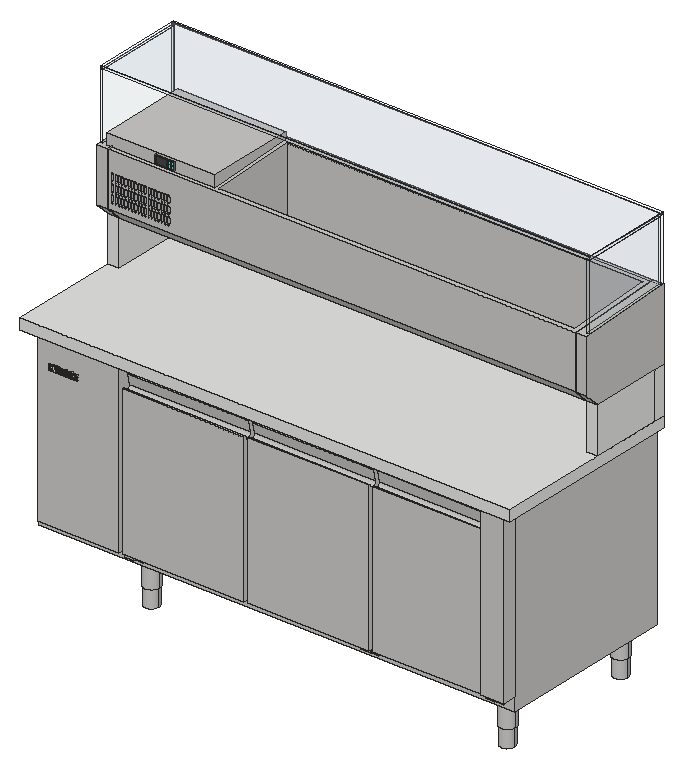
Revit family "QF_ELECTROLUXPROFESSIONAL_725190_RCSH3D", category Specialty Equipment, Revit 2023
Family settings
  Round Connector Dimension = Use Diameter
  Part Type = Normal
  Work Plane-Based = No
  Enable Cutting in Views = No
  Always vertical = Yes
  Cut with Voids When Loaded = No
  Maintain Annotation Orientation = No
  Shared = No
  Room Calculation Point = No
Parameters (values of type "Standard")
  Weight = 290.00 kg
  Watts = 420 W
  Volts = 220 V
  URL Manufacturer = "https://www.electroluxprofessional.com/"
  URL = "https://www.electroluxprofessional.com/"
  Steam Supply Size = 0 mm
  Steam Supply Minimum Pressure = 0.0 Pa
  Steam Supply Maximum Pressure = 0.0 Pa
  Steam Consumption per Hour = 0
  Refrigeration Suction Line Size = 0 mm
  Refrigeration Liquid Line Size = 0 mm
  Refrigerant Compressor Remote = yes
  Default Elevation = 0 mm
  Manufacturer = "Electrolux Professional"
  Phase = 1
  Model = "RCSH3D"
  Length Actual = 1780 mm  # constant formula
  Item Number = "725190"
  Hot Water Size = 0 mm
  Height Actual = 1502 mm  # constant formula
  HP = "0.6 HP"
  Gas Size = 0 mm
  Gas KW = 0
  Gas Input Pressure = 0 W
  Direct Waste Size = 0 mm
  Description = "REFRIGERATED COUNTER+SHOW CASE 3 DOORS"
  Depth Actual = 700 mm  # constant formula
  Cycle = 50 Hz
  Condensate Return Size = 0 mm
  Compressed Air Volume = 0.0 L/s
  Compressed Air Size = 0 mm
  Compressed Air Pressure = 0.0 Pa
  Cold Water Size = 0 mm
  Accessory = yes
Reference planes
  plane 1 "ID_47": z = 0
  plane 2 "ID_48": x = -86
  plane 3 "ID_2392": y = 64.5
  plane 4 "ID_2509": y = 414.5
  plane 5 "ID_2614": y = -285.5
  plane 6 "ID_2837": x = -976
  plane 7 "ID_2983": x = 804
  plane 8 "ID_4400": z = 150
  plane 9 "ID_4457": z = 840
  plane 10 "ID_44560": z = 800
  plane 11 "ID_138713": y = 124.5
  plane 12 "ID_138739": x = -892
  plane 13 "ID_146034": y = 412
  plane 14 "ID_146605": y = -283
  plane 15 "ID_146781": y = -230.5
  plane 16 "ID_147224": x = -953
  plane 17 "ID_147345": x = 781
  plane 18 "ID_149448": x = -913
  plane 19 "ID_149581": x = 696
  plane 20 "ID_161767": z = 1005
  plane 21 "ID_161878": z = 1502
  plane 22 "ID_162378": y = 79.5
  plane 23 "ID_166845": z = 1266
  plane 24 "ID_167552": z = 1216
  plane 25 "ID_172017": x = -580
  plane 26 "ID_172144": x = 715
  plane 27 "ID_172890": y = 331
  plane 28 "ID_172954": y = -183
  plane 29 "ID_173048": y = -26
  plane 30 "ID_186596": z = 1020.844
  plane 31 "ID_186751": x = 67
Forms (mm)
  Extrusion 1, solid, material "QF_Finishes_Stainless Steel"
    sketch origin (-1022.223, -1524, 150) x (-1, 0, 0) y (0, -1, 0)
      loop
        circle (-130.223, -1648.5) r 5
    from 870 to 865.223
  Extrusion 2, solid, material "QF_Finishes_Stainless Steel"
    sketch origin (-1022.223, -1524, 150) x (-1, 0, 0) y (0, -1, 0)
      loop
        line (-1718.223, -1293.5) -> (-1718.223, -1241) -> (-1803.223, -1241) -> (-1803.223, -1293.5) -> (-1718.223, -1293.5)
    from 48 to 650
  Extrusion 3, solid, material "QF_Finishes_Stainless Steel"
    sketch origin (-1022.223, -1524, 150) x (-1, 0, 0) y (0, -1, 0)
      loop
        line (-69.223, -1936) -> (-69.223, -1293.5) -> (-1803.223, -1293.5) -> (-1803.223, -1936) -> (-69.223, -1936)
    from 0 to 650
  Extrusion 4, solid, material "QF_Finished_Stone"
    sketch origin (-86, 0, 0) x (0, 1, 0) y (0, 0, 1)
      loop
        line (414.5, 800) -> (414.5, 840) -> (-285.5, 840) -> (-285.5, 800) -> (414.5, 800)
    from -890 to 890
  Extrusion 5, solid, material "QF_Finished_Stone"
    sketch origin (-86, 0, 0) x (0, 1, 0) y (0, 0, 1)
      loop
        line (414.5, 1005) -> (374.5, 1005) -> (374.5, 840) -> (414.5, 840) -> (414.5, 1005)
    from -890 to 890
  Extrusion 6, solid, material "QF_Finished_Stone"
    sketch origin (-976, 0, 0) x (0, 1, 0) y (0, 0, 1)
      loop
        line (374.5, 840) -> (374.5, 1005) -> (114.5, 1005) -> (114.5, 840) -> (374.5, 840)
    from 0 to 40
  Extrusion 7, solid, material "QF_Finished_Stone"
    sketch origin (804, 0, 0) x (0, 1, 0) y (0, 0, 1)
      loop
        line (374.5, 840) -> (374.5, 1005) -> (114.5, 1005) -> (114.5, 840) -> (374.5, 840)
    from 0 to -40
  Extrusion 8, solid, material "QF_Finishes_Stainless Steel"
    sketch origin (-976, 0, 0) x (0, 1, 0) y (0, 0, 1)
      loop
        line (414.5, 1005) -> (414.5, 1267.476) -> (64.5, 1249.81) -> (64.5, 1055) -> (114.5, 1005) -> (414.5, 1005)
    from 0 to 40
  Extrusion 9, solid, material "QF_Finishes_Stainless Steel"
    sketch origin (804, 0, 0) x (0, 1, 0) y (0, 0, 1)
      loop
        line (414.5, 1005) -> (414.5, 1267.476) -> (64.5, 1249.81) -> (64.5, 1055) -> (114.5, 1005) -> (414.5, 1005)
    from 0 to -40
  Extrusion 10, solid, material "QF_Finishes_Glass"
    sketch origin (-86, 0, 0) x (0, 1, 0) y (0, 0, 1)
      loop
        line (414.5, 1266.476) -> (414.5, 1502) -> (404.5, 1502) -> (404.5, 1266) -> (414.5, 1266.476)
    from 890 to -890
  Extrusion 11, solid, material "QF_Finishes_Glass"
    sketch origin (-86, 0, 0) x (0, 1, 0) y (0, 0, 1)
      loop
        line (414.5, 1502) -> (79.5, 1502) -> (79.5, 1492) -> (414.5, 1492) -> (414.5, 1502)
    from 890 to -890
  Extrusion 12, solid, material "QF_Finishes_Glass"
    sketch origin (-976, 0, 0) x (0, 1, 0) y (0, 0, 1)
      loop
        line (404.5, 1492) -> (79.5, 1492) -> (79.5, 1250.524) -> (404.5, 1266) -> (404.5, 1492)
    from 0 to 10
  Extrusion 13, solid, material "QF_Finishes_Glass"
    sketch origin (804, 0, 0) x (0, 1, 0) y (0, 0, 1)
      loop
        line (404.5, 1492) -> (79.5, 1492) -> (79.5, 1250.524) -> (404.5, 1266) -> (404.5, 1492)
    from 0 to -10
  Extrusion 14, solid, material "QF_Finishes_Stainless Steel"
    sketch origin (-976, 0, 0) x (0, 1, 0) y (0, 0, 1)
      loop
        line (414.5, 1005) -> (414.5, 1266.476) -> (64.5, 1249.81) -> (64.5, 1055) -> (114.5, 1005) -> (414.5, 1005)
    from 1740 to 40
  Extrusion 15, void
    sketch origin (-86, 0, 0) x (0, 1, 0) y (0, 0, 1)
      loop
        line (79.5, 1061.213) -> (120.713, 1020) -> (389.5, 1020) -> (389.5, 1265.286) -> (79.5, 1250.524) -> (79.5, 1061.213)
    from -460 to 835
  Extrusion 16, solid, material "QF_Finishes_Stainless Steel"
    sketch origin (-86, 0, 24.524) x (0, 1, 0) y (0, 0, 1)
      loop
        line (404.5, 1266) -> (79.5, 1266) -> (79.5, 1226) -> (404.5, 1241.476) -> (404.5, 1266)
    from -867 to -474.474
  Extrusion 17, void
    sketch origin (0, 64.5, 0) x (-1, 0, 0) y (0, 0, 1)
      loop
        arc (909.824, 1174.456) -> (905.824, 1178.456) -> (901.824, 1174.456) r 4
        line (901.824, 1174.456) -> (901.824, 1152.456)
        arc (901.824, 1152.456) -> (905.824, 1148.456) -> (909.824, 1152.456) r 4
        line (909.824, 1152.456) -> (909.824, 1174.456)
      loop
        arc (909.824, 1104.456) -> (905.824, 1108.456) -> (901.824, 1104.456) r 4
        line (901.824, 1104.456) -> (901.824, 1082.456)
        arc (901.824, 1082.456) -> (905.824, 1078.456) -> (909.824, 1082.456) r 4
        line (909.824, 1082.456) -> (909.824, 1104.456)
      loop
        arc (909.824, 1139.456) -> (905.824, 1143.456) -> (901.824, 1139.456) r 4
        line (901.824, 1139.456) -> (901.824, 1117.456)
        arc (901.824, 1117.456) -> (905.824, 1113.456) -> (909.824, 1117.456) r 4
        line (909.824, 1117.456) -> (909.824, 1139.456)
      loop
        arc (921.824, 1174.456) -> (917.824, 1178.456) -> (913.824, 1174.456) r 4
        line (913.824, 1174.456) -> (913.824, 1152.456)
        arc (913.824, 1152.456) -> (917.824, 1148.456) -> (921.824, 1152.456) r 4
        line (921.824, 1152.456) -> (921.824, 1174.456)
      loop
        arc (921.824, 1104.456) -> (917.824, 1108.456) -> (913.824, 1104.456) r 4
        line (913.824, 1104.456) -> (913.824, 1082.456)
        arc (913.824, 1082.456) -> (917.824, 1078.456) -> (921.824, 1082.456) r 4
        line (921.824, 1082.456) -> (921.824, 1104.456)
      loop
        arc (921.824, 1139.456) -> (917.824, 1143.456) -> (913.824, 1139.456) r 4
        line (913.824, 1139.456) -> (913.824, 1117.456)
        arc (913.824, 1117.456) -> (917.824, 1113.456) -> (921.824, 1117.456) r 4
        line (921.824, 1117.456) -> (921.824, 1139.456)
      loop
        arc (897.824, 1174.456) -> (893.824, 1178.456) -> (889.824, 1174.456) r 4
        line (889.824, 1174.456) -> (889.824, 1152.456)
        arc (889.824, 1152.456) -> (893.824, 1148.456) -> (897.824, 1152.456) r 4
        line (897.824, 1152.456) -> (897.824, 1174.456)
      loop
        arc (897.824, 1104.456) -> (893.824, 1108.456) -> (889.824, 1104.456) r 4
        line (889.824, 1104.456) -> (889.824, 1082.456)
        arc (889.824, 1082.456) -> (893.824, 1078.456) -> (897.824, 1082.456) r 4
        line (897.824, 1082.456) -> (897.824, 1104.456)
      loop
        arc (897.824, 1139.456) -> (893.824, 1143.456) -> (889.824, 1139.456) r 4
        line (889.824, 1139.456) -> (889.824, 1117.456)
        arc (889.824, 1117.456) -> (893.824, 1113.456) -> (897.824, 1117.456) r 4
        line (897.824, 1117.456) -> (897.824, 1139.456)
      loop
        arc (873.824, 1174.456) -> (869.824, 1178.456) -> (865.824, 1174.456) r 4
        line (865.824, 1174.456) -> (865.824, 1152.456)
        arc (865.824, 1152.456) -> (869.824, 1148.456) -> (873.824, 1152.456) r 4
        line (873.824, 1152.456) -> (873.824, 1174.456)
      loop
        arc (873.824, 1104.456) -> (869.824, 1108.456) -> (865.824, 1104.456) r 4
        line (865.824, 1104.456) -> (865.824, 1082.456)
        arc (865.824, 1082.456) -> (869.824, 1078.456) -> (873.824, 1082.456) r 4
        line (873.824, 1082.456) -> (873.824, 1104.456)
      loop
        arc (873.824, 1139.456) -> (869.824, 1143.456) -> (865.824, 1139.456) r 4
        line (865.824, 1139.456) -> (865.824, 1117.456)
        arc (865.824, 1117.456) -> (869.824, 1113.456) -> (873.824, 1117.456) r 4
        line (873.824, 1117.456) -> (873.824, 1139.456)
      loop
        arc (885.824, 1174.456) -> (881.824, 1178.456) -> (877.824, 1174.456) r 4
        line (877.824, 1174.456) -> (877.824, 1152.456)
        arc (877.824, 1152.456) -> (881.824, 1148.456) -> (885.824, 1152.456) r 4
        line (885.824, 1152.456) -> (885.824, 1174.456)
      loop
        arc (885.824, 1104.456) -> (881.824, 1108.456) -> (877.824, 1104.456) r 4
        line (877.824, 1104.456) -> (877.824, 1082.456)
        arc (877.824, 1082.456) -> (881.824, 1078.456) -> (885.824, 1082.456) r 4
        line (885.824, 1082.456) -> (885.824, 1104.456)
      loop
        arc (885.824, 1139.456) -> (881.824, 1143.456) -> (877.824, 1139.456) r 4
        line (877.824, 1139.456) -> (877.824, 1117.456)
        arc (877.824, 1117.456) -> (881.824, 1113.456) -> (885.824, 1117.456) r 4
        line (885.824, 1117.456) -> (885.824, 1139.456)
      loop
        arc (861.824, 1174.456) -> (857.824, 1178.456) -> (853.824, 1174.456) r 4
        line (853.824, 1174.456) -> (853.824, 1152.456)
        arc (853.824, 1152.456) -> (857.824, 1148.456) -> (861.824, 1152.456) r 4
        line (861.824, 1152.456) -> (861.824, 1174.456)
      loop
        arc (861.824, 1104.456) -> (857.824, 1108.456) -> (853.824, 1104.456) r 4
        line (853.824, 1104.456) -> (853.824, 1082.456)
        arc (853.824, 1082.456) -> (857.824, 1078.456) -> (861.824, 1082.456) r 4
        line (861.824, 1082.456) -> (861.824, 1104.456)
      loop
        arc (861.824, 1139.456) -> (857.824, 1143.456) -> (853.824, 1139.456) r 4
        line (853.824, 1139.456) -> (853.824, 1117.456)
        arc (853.824, 1117.456) -> (857.824, 1113.456) -> (861.824, 1117.456) r 4
        line (861.824, 1117.456) -> (861.824, 1139.456)
      loop
        arc (837.824, 1174.456) -> (833.824, 1178.456) -> (829.824, 1174.456) r 4
        line (829.824, 1174.456) -> (829.824, 1152.456)
        arc (829.824, 1152.456) -> (833.824, 1148.456) -> (837.824, 1152.456) r 4
        line (837.824, 1152.456) -> (837.824, 1174.456)
      loop
        arc (837.824, 1104.456) -> (833.824, 1108.456) -> (829.824, 1104.456) r 4
        line (829.824, 1104.456) -> (829.824, 1082.456)
        arc (829.824, 1082.456) -> (833.824, 1078.456) -> (837.824, 1082.456) r 4
        line (837.824, 1082.456) -> (837.824, 1104.456)
      loop
        arc (837.824, 1139.456) -> (833.824, 1143.456) -> (829.824, 1139.456) r 4
        line (829.824, 1139.456) -> (829.824, 1117.456)
        arc (829.824, 1117.456) -> (833.824, 1113.456) -> (837.824, 1117.456) r 4
        line (837.824, 1117.456) -> (837.824, 1139.456)
      loop
        arc (849.824, 1174.456) -> (845.824, 1178.456) -> (841.824, 1174.456) r 4
        line (841.824, 1174.456) -> (841.824, 1152.456)
        arc (841.824, 1152.456) -> (845.824, 1148.456) -> (849.824, 1152.456) r 4
        line (849.824, 1152.456) -> (849.824, 1174.456)
      loop
        arc (849.824, 1104.456) -> (845.824, 1108.456) -> (841.824, 1104.456) r 4
        line (841.824, 1104.456) -> (841.824, 1082.456)
        arc (841.824, 1082.456) -> (845.824, 1078.456) -> (849.824, 1082.456) r 4
        line (849.824, 1082.456) -> (849.824, 1104.456)
      loop
        arc (849.824, 1139.456) -> (845.824, 1143.456) -> (841.824, 1139.456) r 4
        line (841.824, 1139.456) -> (841.824, 1117.456)
        arc (841.824, 1117.456) -> (845.824, 1113.456) -> (849.824, 1117.456) r 4
        line (849.824, 1117.456) -> (849.824, 1139.456)
      loop
        arc (825.824, 1174.456) -> (821.824, 1178.456) -> (817.824, 1174.456) r 4
        line (817.824, 1174.456) -> (817.824, 1152.456)
        arc (817.824, 1152.456) -> (821.824, 1148.456) -> (825.824, 1152.456) r 4
        line (825.824, 1152.456) -> (825.824, 1174.456)
      loop
        arc (825.824, 1104.456) -> (821.824, 1108.456) -> (817.824, 1104.456) r 4
        line (817.824, 1104.456) -> (817.824, 1082.456)
        arc (817.824, 1082.456) -> (821.824, 1078.456) -> (825.824, 1082.456) r 4
        line (825.824, 1082.456) -> (825.824, 1104.456)
      loop
        arc (825.824, 1139.456) -> (821.824, 1143.456) -> (817.824, 1139.456) r 4
        line (817.824, 1139.456) -> (817.824, 1117.456)
        arc (817.824, 1117.456) -> (821.824, 1113.456) -> (825.824, 1117.456) r 4
        line (825.824, 1117.456) -> (825.824, 1139.456)
      loop
        arc (801.824, 1174.456) -> (797.824, 1178.456) -> (793.824, 1174.456) r 4
        line (793.824, 1174.456) -> (793.824, 1152.456)
        arc (793.824, 1152.456) -> (797.824, 1148.456) -> (801.824, 1152.456) r 4
        line (801.824, 1152.456) -> (801.824, 1174.456)
      loop
        arc (801.824, 1104.456) -> (797.824, 1108.456) -> (793.824, 1104.456) r 4
        line (793.824, 1104.456) -> (793.824, 1082.456)
        arc (793.824, 1082.456) -> (797.824, 1078.456) -> (801.824, 1082.456) r 4
        line (801.824, 1082.456) -> (801.824, 1104.456)
      loop
        arc (801.824, 1139.456) -> (797.824, 1143.456) -> (793.824, 1139.456) r 4
        line (793.824, 1139.456) -> (793.824, 1117.456)
        arc (793.824, 1117.456) -> (797.824, 1113.456) -> (801.824, 1117.456) r 4
        line (801.824, 1117.456) -> (801.824, 1139.456)
      loop
        arc (813.824, 1174.456) -> (809.824, 1178.456) -> (805.824, 1174.456) r 4
        line (805.824, 1174.456) -> (805.824, 1152.456)
        arc (805.824, 1152.456) -> (809.824, 1148.456) -> (813.824, 1152.456) r 4
        line (813.824, 1152.456) -> (813.824, 1174.456)
      loop
        arc (813.824, 1104.456) -> (809.824, 1108.456) -> (805.824, 1104.456) r 4
        line (805.824, 1104.456) -> (805.824, 1082.456)
        arc (805.824, 1082.456) -> (809.824, 1078.456) -> (813.824, 1082.456) r 4
        line (813.824, 1082.456) -> (813.824, 1104.456)
      loop
        arc (813.824, 1139.456) -> (809.824, 1143.456) -> (805.824, 1139.456) r 4
        line (805.824, 1139.456) -> (805.824, 1117.456)
        arc (805.824, 1117.456) -> (809.824, 1113.456) -> (813.824, 1117.456) r 4
        line (813.824, 1117.456) -> (813.824, 1139.456)
      loop
        arc (789.824, 1174.456) -> (785.824, 1178.456) -> (781.824, 1174.456) r 4
        line (781.824, 1174.456) -> (781.824, 1152.456)
        arc (781.824, 1152.456) -> (785.824, 1148.456) -> (789.824, 1152.456) r 4
        line (789.824, 1152.456) -> (789.824, 1174.456)
      loop
        arc (789.824, 1104.456) -> (785.824, 1108.456) -> (781.824, 1104.456) r 4
        line (781.824, 1104.456) -> (781.824, 1082.456)
        arc (781.824, 1082.456) -> (785.824, 1078.456) -> (789.824, 1082.456) r 4
        line (789.824, 1082.456) -> (789.824, 1104.456)
      loop
        arc (789.824, 1139.456) -> (785.824, 1143.456) -> (781.824, 1139.456) r 4
        line (781.824, 1139.456) -> (781.824, 1117.456)
        arc (781.824, 1117.456) -> (785.824, 1113.456) -> (789.824, 1117.456) r 4
        line (789.824, 1117.456) -> (789.824, 1139.456)
      loop
        arc (765.824, 1174.456) -> (761.824, 1178.456) -> (757.824, 1174.456) r 4
        line (757.824, 1174.456) -> (757.824, 1152.456)
        arc (757.824, 1152.456) -> (761.824, 1148.456) -> (765.824, 1152.456) r 4
        line (765.824, 1152.456) -> (765.824, 1174.456)
      loop
        arc (765.824, 1104.456) -> (761.824, 1108.456) -> (757.824, 1104.456) r 4
        line (757.824, 1104.456) -> (757.824, 1082.456)
        arc (757.824, 1082.456) -> (761.824, 1078.456) -> (765.824, 1082.456) r 4
        line (765.824, 1082.456) -> (765.824, 1104.456)
      loop
        arc (765.824, 1139.456) -> (761.824, 1143.456) -> (757.824, 1139.456) r 4
        line (757.824, 1139.456) -> (757.824, 1117.456)
        arc (757.824, 1117.456) -> (761.824, 1113.456) -> (765.824, 1117.456) r 4
        line (765.824, 1117.456) -> (765.824, 1139.456)
      loop
        arc (777.824, 1174.456) -> (773.824, 1178.456) -> (769.824, 1174.456) r 4
        line (769.824, 1174.456) -> (769.824, 1152.456)
        arc (769.824, 1152.456) -> (773.824, 1148.456) -> (777.824, 1152.456) r 4
        line (777.824, 1152.456) -> (777.824, 1174.456)
      loop
        arc (777.824, 1104.456) -> (773.824, 1108.456) -> (769.824, 1104.456) r 4
        line (769.824, 1104.456) -> (769.824, 1082.456)
        arc (769.824, 1082.456) -> (773.824, 1078.456) -> (777.824, 1082.456) r 4
        line (777.824, 1082.456) -> (777.824, 1104.456)
      loop
        arc (777.824, 1139.456) -> (773.824, 1143.456) -> (769.824, 1139.456) r 4
        line (769.824, 1139.456) -> (769.824, 1117.456)
        arc (769.824, 1117.456) -> (773.824, 1113.456) -> (777.824, 1117.456) r 4
        line (777.824, 1117.456) -> (777.824, 1139.456)
      loop
        arc (753.824, 1174.456) -> (749.824, 1178.456) -> (745.824, 1174.456) r 4
        line (745.824, 1174.456) -> (745.824, 1152.456)
        arc (745.824, 1152.456) -> (749.824, 1148.456) -> (753.824, 1152.456) r 4
        line (753.824, 1152.456) -> (753.824, 1174.456)
      loop
        arc (753.824, 1104.456) -> (749.824, 1108.456) -> (745.824, 1104.456) r 4
        line (745.824, 1104.456) -> (745.824, 1082.456)
        arc (745.824, 1082.456) -> (749.824, 1078.456) -> (753.824, 1082.456) r 4
        line (753.824, 1082.456) -> (753.824, 1104.456)
      loop
        arc (753.824, 1139.456) -> (749.824, 1143.456) -> (745.824, 1139.456) r 4
        line (745.824, 1139.456) -> (745.824, 1117.456)
        arc (745.824, 1117.456) -> (749.824, 1113.456) -> (753.824, 1117.456) r 4
        line (753.824, 1117.456) -> (753.824, 1139.456)
      loop
        arc (729.824, 1174.456) -> (725.824, 1178.456) -> (721.824, 1174.456) r 4
        line (721.824, 1174.456) -> (721.824, 1152.456)
        arc (721.824, 1152.456) -> (725.824, 1148.456) -> (729.824, 1152.456) r 4
        line (729.824, 1152.456) -> (729.824, 1174.456)
      loop
        arc (729.824, 1104.456) -> (725.824, 1108.456) -> (721.824, 1104.456) r 4
        line (721.824, 1104.456) -> (721.824, 1082.456)
        arc (721.824, 1082.456) -> (725.824, 1078.456) -> (729.824, 1082.456) r 4
        line (729.824, 1082.456) -> (729.824, 1104.456)
      loop
        arc (729.824, 1139.456) -> (725.824, 1143.456) -> (721.824, 1139.456) r 4
        line (721.824, 1139.456) -> (721.824, 1117.456)
        arc (721.824, 1117.456) -> (725.824, 1113.456) -> (729.824, 1117.456) r 4
        line (729.824, 1117.456) -> (729.824, 1139.456)
      loop
        arc (741.824, 1174.456) -> (737.824, 1178.456) -> (733.824, 1174.456) r 4
        line (733.824, 1174.456) -> (733.824, 1152.456)
        arc (733.824, 1152.456) -> (737.824, 1148.456) -> (741.824, 1152.456) r 4
        line (741.824, 1152.456) -> (741.824, 1174.456)
      loop
        arc (741.824, 1104.456) -> (737.824, 1108.456) -> (733.824, 1104.456) r 4
        line (733.824, 1104.456) -> (733.824, 1082.456)
        arc (733.824, 1082.456) -> (737.824, 1078.456) -> (741.824, 1082.456) r 4
        line (741.824, 1082.456) -> (741.824, 1104.456)
      loop
        arc (741.824, 1139.456) -> (737.824, 1143.456) -> (733.824, 1139.456) r 4
        line (733.824, 1139.456) -> (733.824, 1117.456)
        arc (733.824, 1117.456) -> (737.824, 1113.456) -> (741.824, 1117.456) r 4
        line (741.824, 1117.456) -> (741.824, 1139.456)
      loop
        arc (717.824, 1174.456) -> (713.824, 1178.456) -> (709.824, 1174.456) r 4
        line (709.824, 1174.456) -> (709.824, 1152.456)
        arc (709.824, 1152.456) -> (713.824, 1148.456) -> (717.824, 1152.456) r 4
        line (717.824, 1152.456) -> (717.824, 1174.456)
      loop
        arc (717.824, 1104.456) -> (713.824, 1108.456) -> (709.824, 1104.456) r 4
        line (709.824, 1104.456) -> (709.824, 1082.456)
        arc (709.824, 1082.456) -> (713.824, 1078.456) -> (717.824, 1082.456) r 4
        line (717.824, 1082.456) -> (717.824, 1104.456)
      loop
        arc (717.824, 1139.456) -> (713.824, 1143.456) -> (709.824, 1139.456) r 4
        line (709.824, 1139.456) -> (709.824, 1117.456)
        arc (709.824, 1117.456) -> (713.824, 1113.456) -> (717.824, 1117.456) r 4
        line (717.824, 1117.456) -> (717.824, 1139.456)
    from 0 to 15
  Extrusion 18, solid, material "QF_Finishes_Stainless Steel"
    sketch origin (-869.223, -1524, 150) x (-1, 0, 0) y (0, -1, 0)
      loop
        circle (-936.223, -1498) r 10
    from 0 to -10
Cuts and joins
  Extrusion 15, Extrusion 17 cuts Extrusion 14
Lines and regions (mm)
  model lines, style "QF_Door-Drawer Clearances"
    curve 1: line (-86, 414.5, 1492) -> (-86, 414.5, 1502)
  symbolic lines, style "SpecialityEquipment"
    curve 2: line (-976, 414.5, 150) -> (804, 414.5, 150)
    curve 3: line (-976, -285.5, 150) -> (-976, 414.5, 150)
    curve 4: line (804, -285.5, 150) -> (-976, -285.5, 150)
    curve 5: line (804, 414.5, 150) -> (804, -285.5, 150)
  symbolic lines
    curve 6: line (-976, 64.5, 150) -> (804, 64.5, 150)
  symbolic lines, style "SpecialityEquipmentHiddenLines"
    curve 7: line (-976, -230.5, 150) -> (804, -230.5, 150)
Dimensions and locks
  equal spacing: plane 6 "ID_2837", plane 2 "ID_48", plane 7 "ID_2983"
  plane 4 "ID_2509" to plane 5 "ID_2614" = 700 mm
  plane 8 "ID_4400" to level = 150 mm
  plane 4 "ID_2509" to plane 13 "ID_146034" = 2.5 mm
  plane 14 "ID_146605" to plane 5 "ID_2614" = 2.5 mm
  plane 15 "ID_146781" to plane 14 "ID_146605" = 52.5 mm
  plane 6 "ID_2837" to plane 16 "ID_147224" = 23 mm
  plane 17 "ID_147345" to plane 7 "ID_2983" = 23 mm
  plane 10 "ID_44560" to plane 8 "ID_4400" = 650 mm
  plane 9 "ID_4457" to plane 10 "ID_44560" = 40 mm
  plane 16 "ID_147224" to plane 18 "ID_149448" = 40 mm
  plane 19 "ID_149581" to plane 17 "ID_147345" = 85 mm
  plane 6 "ID_2837" to plane 7 "ID_2983" = 1780 mm
  equal spacing: plane 4 "ID_2509", plane 3 "ID_2392", plane 5 "ID_2614"
  plane 6 "ID_2837" to plane 12 "ID_138739" = 84 mm
  plane 20 "ID_161767" to plane 9 "ID_4457" = 165 mm
  plane 21 "ID_161878" to plane 20 "ID_161767" = 497 mm
  plane 23 "ID_166845" to plane 20 "ID_161767" = 261 mm
  plane 23 "ID_166845" to plane 24 "ID_167552" = 50 mm
  plane 25 "ID_172017" to plane 16 "ID_147224" = 373 mm
  plane 26 "ID_172144" to plane 25 "ID_172017" = 1295 mm
  plane 17 "ID_147345" to plane 26 "ID_172144" = 66 mm
  plane 13 "ID_146034" to plane 27 "ID_172890" = 81 mm
  plane 27 "ID_172890" to plane 28 "ID_172954" = 514 mm
  plane 28 "ID_172954" to plane 14 "ID_146605" = 100 mm
  plane 13 "ID_146034" to plane 14 "ID_146605" = 695 mm
  Extrusion 3 to plane 29 "ID_173048" = 438 mm
  plane 4 "ID_2509" to plane 11 "ID_138713" = 290 mm
  plane 17 "ID_147345" to plane 16 "ID_147224" = 1734 mm
  plane 17 "ID_147345" to plane 31 "ID_186751" = 714 mm
  plane 4 "ID_2509" to plane 22 "ID_162378" = 335 mm
  Extrusion 8 to plane 3 "ID_2392" = 350 mm
  plane 20 "ID_161767" to level = 1005 mm
  plane 21 "ID_161878" to level = 1502 mm
  aligned and locked: level to plane 1 "ID_47"
  aligned and locked: Extrusion 4 to plane 6 "ID_2837"
  aligned and locked: plane 7 "ID_2983" to Extrusion 4
  aligned and locked: plane 25 "ID_172017" to nested 4
  aligned and locked: nested 2 to nested 4
  aligned and locked: plane 26 "ID_172144" to nested 5
  aligned and locked: nested 3 to nested 5
Automatic sketch dimensions
  curve 1 to plane 4 "ID_2509" = 0 mm
  curve 1 to plane 21 "ID_161878" = 0 mm
  curve 1 to plane 21 "ID_161878" = 10 mm
  Extrusion 1 sketch curve to plane 11 "ID_138713" = 0 mm
  Extrusion 1 sketch curve to plane 12 "ID_138739" = 0 mm
  Extrusion 2 sketch curve to plane 15 "ID_146781" = 0 mm
  Extrusion 2 sketch curve to plane 17 "ID_147345" = 0 mm
  Extrusion 2 sketch curve to plane 14 "ID_146605" = 0 mm
  Extrusion 2 sketch curve to plane 19 "ID_149581" = 0 mm
  Extrusion 3 sketch curve to plane 13 "ID_146034" = 0 mm
  Extrusion 3 sketch curve to plane 17 "ID_147345" = 0 mm
  Extrusion 3 sketch curve to plane 15 "ID_146781" = 0 mm
  Extrusion 3 sketch curve to plane 16 "ID_147224" = 0 mm
  Extrusion 4 sketch curve to plane 5 "ID_2614" = 0 mm
  Extrusion 4 sketch curve to plane 4 "ID_2509" = 0 mm
  Extrusion 4 sketch curve to plane 10 "ID_44560" = 0 mm
  Extrusion 4 sketch curve to plane 9 "ID_4457" = 0 mm
  Extrusion 5 sketch curve to plane 20 "ID_161767" = 0 mm
  Extrusion 5 sketch curve to plane 9 "ID_4457" = 0 mm
  Extrusion 5 sketch curve to plane 4 "ID_2509" = 0 mm
  Extrusion 5 sketch curve to plane 13 "ID_146034" = 37.5 mm
  Extrusion 6 sketch curve to plane 9 "ID_4457" = 0 mm
  Extrusion 6 sketch curve to plane 20 "ID_161767" = 0 mm
  Extrusion 6 sketch curve to plane 11 "ID_138713" = 10 mm
  Extrusion 6 sketch curve to plane 13 "ID_146034" = 37.5 mm
  Extrusion 7 sketch curve to plane 9 "ID_4457" = 0 mm
  Extrusion 7 sketch curve to plane 20 "ID_161767" = 0 mm
  Extrusion 7 sketch curve to plane 11 "ID_138713" = 10 mm
  Extrusion 7 sketch curve to plane 13 "ID_146034" = 37.5 mm
  Extrusion 8 sketch curve to plane 20 "ID_161767" = 0 mm
  Extrusion 8 sketch curve to plane 11 "ID_138713" = 10 mm
  plane 20 "ID_161767" to Extrusion 8 sketch curve = 50 mm
  Extrusion 8 sketch curve to Extrusion 8 sketch curve = 194.81 mm
  Extrusion 8 sketch curve to plane 21 "ID_161878" = 234.524 mm
  Extrusion 9 sketch curve to plane 20 "ID_161767" = 0 mm
  Extrusion 9 sketch curve to plane 4 "ID_2509" = 0 mm
  Extrusion 9 sketch curve to plane 11 "ID_138713" = 10 mm
  plane 20 "ID_161767" to Extrusion 9 sketch curve = 50 mm
  Extrusion 9 sketch curve to Extrusion 9 sketch curve = 194.81 mm
  Extrusion 9 sketch curve to plane 21 "ID_161878" = 234.524 mm
  Extrusion 10 sketch curve to plane 21 "ID_161878" = 0 mm
  Extrusion 11 sketch curve to plane 21 "ID_161878" = 0 mm
  Extrusion 11 sketch curve to plane 22 "ID_162378" = 0 mm
  Extrusion 11 sketch curve to plane 4 "ID_2509" = 0 mm
  Extrusion 11 sketch curve to plane 21 "ID_161878" = 10 mm
  Extrusion 12 sketch curve to plane 22 "ID_162378" = 0 mm
  Extrusion 12 sketch curve to plane 21 "ID_161878" = 10 mm
  Extrusion 13 sketch curve to plane 22 "ID_162378" = 0 mm
  Extrusion 13 sketch curve to plane 21 "ID_161878" = 10 mm
  Extrusion 14 sketch curve to plane 20 "ID_161767" = 0 mm
  Extrusion 14 sketch curve to plane 4 "ID_2509" = 0 mm
  Extrusion 14 sketch curve to plane 11 "ID_138713" = 10 mm
  plane 20 "ID_161767" to Extrusion 14 sketch curve = 50 mm
  Extrusion 14 sketch curve to Extrusion 14 sketch curve = 194.81 mm
  Extrusion 16 sketch curve to plane 22 "ID_162378" = 0 mm
  Extrusion 16 sketch curve to plane 23 "ID_166845" = 0 mm
  Extrusion 16 sketch curve to plane 13 "ID_146034" = 7.5 mm
  Extrusion 16 sketch curve to plane 23 "ID_166845" = 15.476 mm
  plane 23 "ID_166845" to Extrusion 16 sketch curve = 24.524 mm
  Extrusion 8 sketch curve to plane 3 "ID_2392" = 0 mm
  Extrusion 8 sketch curve to plane 4 "ID_2509" = 0 mm
  Extrusion 12 sketch curve to plane 13 "ID_146034" = 7.5 mm
  Extrusion 12 sketch curve to plane 23 "ID_166845" = 0 mm
  Extrusion 12 sketch curve to plane 23 "ID_166845" = 15.476 mm
  Extrusion 10 sketch curve to plane 13 "ID_146034" = 7.5 mm
  plane 23 "ID_166845" to Extrusion 10 sketch curve = 0.476 mm
  Extrusion 10 sketch curve to plane 23 "ID_166845" = 0 mm
  Extrusion 10 sketch curve to plane 4 "ID_2509" = 0 mm
  Extrusion 13 sketch curve to plane 13 "ID_146034" = 7.5 mm
  Extrusion 13 sketch curve to plane 23 "ID_166845" = 15.476 mm
  Extrusion 13 sketch curve to plane 23 "ID_166845" = 0 mm
  plane 23 "ID_166845" to Extrusion 14 sketch curve = 0.476 mm
  Extrusion 14 sketch curve to plane 3 "ID_2392" = 0 mm
  Extrusion 9 sketch curve to plane 3 "ID_2392" = 0 mm
  Extrusion 15 sketch curve to plane 11 "ID_138713" = 3.787 mm
  Extrusion 15 sketch curve to plane 13 "ID_146034" = 22.5 mm
  plane 20 "ID_161767" to Extrusion 15 sketch curve = 15 mm
  plane 20 "ID_161767" to Extrusion 15 sketch curve = 56.213 mm
  Extrusion 15 sketch curve to plane 22 "ID_162378" = 0 mm
  Extrusion 15 sketch curve to plane 23 "ID_166845" = 15.476 mm
  Extrusion 15 sketch curve to plane 23 "ID_166845" = 0.714 mm
  Extrusion 17 sketch curve to plane 24 "ID_167552" = 41.544 mm  (x3)
  plane 12 "ID_138739" to Extrusion 17 sketch curve = 182.176 mm
  Extrusion 17 sketch curve to Extrusion 17 sketch curve = 0 mm  (x82)
  Extrusion 17 sketch curve to Extrusion 17 sketch curve = 4 mm  (x96)
  plane 12 "ID_138739" to Extrusion 17 sketch curve = 2.176 mm  (x3)
  Extrusion 17 sketch curve to plane 12 "ID_138739" = 1.824 mm  (x3)
  Extrusion 17 sketch curve to plane 18 "ID_149448" = 0.824 mm  (x3)
  Extrusion 17 sketch curve to Extrusion 17 sketch curve = 22 mm  (x10)
  Extrusion 17 sketch curve to Extrusion 17 sketch curve = 13 mm  (x15)
  plane 2 "ID_48" to Extrusion 18 sketch curve = 153 mm
  plane 29 "ID_173048" to Extrusion 18 sketch curve = 0 mm
  curve 5 to plane 4 "ID_2509" = 0 mm
  curve 7 to plane 7 "ID_2983" = 0 mm
  curve 7 to plane 6 "ID_2837" = 0 mm
  curve 6 to plane 3 "ID_2392" = 0 mm
  curve 7 to plane 15 "ID_146781" = 0 mm
  curve 5 to plane 5 "ID_2614" = 0 mm
  radius of Extrusion 1 sketch curve = 5 mm
  radius of Extrusion 18 sketch curve = 10 mm
Nested families
  nested 1: "HP_Refrigerator" at (723, -280.5, 0), type "HP_Refrigerator"
  nested 2: "FEET_150PZ" at (-580, 331, 0), type "FEET_150PZ"
  nested 3: "FEET_150PZ" at (715, 331, 0), type "FEET_150PZ"
  nested 4: "FEET_150PZ" at (-580, -183, 0), type "FEET_150PZ"
  nested 5: "FEET_150PZ" at (715, -183, 0), type "FEET_150PZ"
  nested 6: "ELX_REF_PZ" at (-707.08, -230.5, 548) x (1, 0, 0) z (0, -1, 0), type "ELX_REF_PZ"
    with Show Logo yes
  nested 7: "SD_L_PZ" at (-386, -230.5, 458.88) x (1, 0, 0) z (0, -1, 0), type "SD_L_PZ"
    with Show Clearance yes
  nested 8: "SD_R_PZ" at (68, -230.5, 458.88) x (1, 0, 0) z (0, -1, 0), type "SD_R_PZ"
    with Show Clearance yes
  nested 9: "SD_R_PZ" at (522, -230.5, 458.88) x (1, 0, 0) z (0, -1, 0), type "SD_R_PZ"
    with Show Clearance yes
  nested 10: "PZ_DISPLAY" at (-736, 79.5, 1249.81) x (1, 0, 0) z (0, -1, 0), type "PZ_DISPLAY"
    with Show Logo yes
Connectors
  electrical at (-892, 124.5, 1015.223), driven by "Volts"
    settings: on Extrusion 1, index 1, voltage 220 V, apparent load 0 VA, apparent load phase1 0 VA, apparent load phase2 0 VA, apparent load phase3 0 VA, power factor 1, load classification "Other", number of poles 1, system type 31, power factor state 1, is connector primary yes, connector utility no, sub classification motor no, connector description "Electrical Connection"
  piping at (67, -26, 140), diameter 20
    settings: on Extrusion 18, index 2, connector inside diameter 609.6 mm, connector length 0 mm, flow factor 0, pipe flow 0.0 L/s, pressure drop 0.0 Pa, fitting loss kfactor 0, connector angle 0.00°, fixture units 0, engagement length 0 mm, angle of deflection 0.00°, flow configuration 1, flow direction 2, fitting loss method 0, system type 16, joint type 0, gender type 0, connector reference index -1, connector utility 0, adjustable connector no, is connector primary yes, connector description "Drain"
Definition of nested family "FEET_150PZ"
  Parameters
    Default Elevation = 0 mm
    FEET = 150 mm
  Reference planes
    plane 1 "Center (Front/Back)": y = 0
    plane 2: z = 0
    plane 3 "Center (Left/Right)": x = 0
    plane 4: z = 150
  Forms (mm)
    Revolve 1, solid
      sketch origin (255.05, 0, 608.09) x (0, 0, 1) y (-1, 0, 0)
        loop
          line (-608.09, 255.05) -> (-608.09, 230.05) -> (-543.09, 230.05) -> (-543.09, 226.05) -> (-458.09, 226.05) -> (-458.09, 255.05) -> (-608.09, 255.05)
        axis (-608.09, 255.05) -> (-458.09, 255.05)
      angle from 0 to 360
  Dimensions and locks
    "FEET": plane 4 to plane 2
    aligned and locked: level to plane 2
    aligned and locked: plane 4 to Revolve 1 sketch curve
    aligned and locked: Revolve 1 sketch curve to level
    aligned and locked: plane 3 "Center (Left/Right)" to Revolve 1 sketch curve
  Automatic sketch dimensions
    Revolve 1 sketch curve to plane 3 "Center (Left/Right)" = 0 mm
    Revolve 1 sketch curve to Revolve 1 sketch curve = 25 mm
    Revolve 1 sketch curve to Revolve 1 sketch curve = 29 mm
    plane 4 to Revolve 1 sketch curve = 50 mm
    Revolve 1 sketch curve to Revolve 1 sketch curve = 20 mm
    level to Revolve 1 sketch curve = 65 mm
Definition of nested family "ELX_REF_PZ"
  Parameters
    Show Logo [instance] = yes
    Default Elevation = 1219.2 mm
  Reference planes
    plane 1 "Center (Front/Back)": y = -49
    plane 2: z = 0
    plane 3 "Center (Left/Right)": x = -59.92
    plane 4: x = -206.92
    plane 5: x = 87.08
    plane 6: y = 252
    plane 7: y = -350
  Forms (mm)
    Extrusion 1, solid
      sketch origin (0, 0, 0) x (1, 0, 0) y (0, 1, 0)
        loop
          line (-1219.2, 1219.2) -> (-1219.2, -1219.2) -> (1219.2, -1219.2) -> (1219.2, 1219.2) -> (-1219.2, 1219.2)
      from 0 to -304.8
    Extrusion 2, solid
      sketch origin (0, 0, 0) x (1, 0, 0) y (0, 1, 0)
        loop
          line (-206.92, 252) -> (-206.92, -350) -> (87.08, -350) -> (87.08, 252) -> (-206.92, 252)
      from 0 to 50
    Extrusion 3, solid
      sketch origin (0, -139.675, 0) x (1, 0, 0) y (0, 1, 0)
        loop
          line (-151.789, 316.773) -> (-151.789, 296.978)
          arc (-151.789, 296.978) -> (-144.471, 306.876) -> (-151.789, 316.773) r 10.352
        loop
          arc (-152.795, 316.773) -> (-161.028, 314.902) -> (-164.994, 307.45) r 10.145
          line (-164.994, 307.45) -> (-161.719, 307.45)
          arc (-161.719, 307.45) -> (-155.869, 309.824) -> (-152.795, 315.34) r 9.509
          line (-152.795, 315.34) -> (-152.795, 316.773)
        loop
          arc (-152.795, 298.412) -> (-155.869, 303.927) -> (-161.719, 306.302) r 9.509
          line (-161.719, 306.302) -> (-164.994, 306.302)
          arc (-164.994, 306.302) -> (-161.034, 298.788) -> (-152.795, 296.724) r 10.411
          line (-152.795, 296.724) -> (-152.795, 298.412)
        loop
          line (-165.745, 317.853) -> (-165.745, 295.853) -> (-143.715, 295.853) -> (-143.715, 317.853) -> (-165.745, 317.853)
      from 50 to 51.6
    Extrusion 4, solid
      sketch origin (0, -139.675, 0) x (1, 0, 0) y (0, 1, 0)
        loop
          line (-130.886, 317.823) -> (-138.322, 317.823) -> (-138.322, 309.164)
          arc (-138.322, 309.164) -> (-137.343, 306.802) -> (-134.981, 305.823) r 3.341
          line (-134.981, 305.823) -> (-130.742, 305.823) -> (-130.742, 307.765) -> (-134.497, 307.765)
          arc (-134.497, 307.765) -> (-135.731, 308.182) -> (-136.256, 309.374) r 1.615
          line (-136.256, 309.374) -> (-136.256, 311.091) -> (-131.207, 311.091) -> (-131.207, 313.041) -> (-136.256, 313.041) -> (-136.256, 315.879) -> (-130.886, 315.879) -> (-130.886, 317.823)
        loop
          line (-129.274, 317.823) -> (-129.274, 305.823) -> (-127.207, 305.823) -> (-127.207, 317.823) -> (-129.274, 317.823)
        loop
          line (-84.382, 317.823) -> (-84.382, 305.823) -> (-82.314, 305.823) -> (-82.314, 317.823) -> (-84.382, 317.823)
        loop
          line (-123.789, 309.655) -> (-117.006, 309.655)
          arc (-117.006, 309.655) -> (-118.067, 313.381) -> (-121.695, 314.74) r 4.298
          arc (-121.695, 314.74) -> (-124.891, 313.12) -> (-125.803, 309.655) r 4.373
          arc (-125.803, 309.655) -> (-124.603, 306.758) -> (-121.705, 305.558) r 4.097
          arc (-121.705, 305.558) -> (-119.451, 305.89) -> (-117.56, 307.163) r 5.15
          line (-117.56, 307.163) -> (-118.785, 308.388)
          arc (-118.785, 308.388) -> (-120.392, 307.423) -> (-122.259, 307.586) r 3.039
          arc (-122.259, 307.586) -> (-123.398, 308.344) -> (-123.789, 309.655) r 2.013
        loop
          line (-123.737, 311.108) -> (-119.083, 311.108)
          arc (-119.083, 311.108) -> (-119.736, 312.483) -> (-121.171, 312.989) r 1.983
          arc (-121.171, 312.989) -> (-122.827, 312.557) -> (-123.737, 311.108) r 2.321
        loop
          line (-108.949, 311.973) -> (-107.651, 313.271)
          arc (-107.651, 313.271) -> (-109.279, 314.449) -> (-111.257, 314.801) r 4.497
          arc (-111.257, 314.801) -> (-114.273, 313.699) -> (-115.856, 310.905) r 4.652
          arc (-115.856, 310.905) -> (-113.188, 306.006) -> (-107.724, 307.135) r 4.684
          line (-107.724, 307.135) -> (-109.015, 308.426)
          arc (-109.015, 308.426) -> (-111.801, 307.504) -> (-113.797, 309.655) r 2.714
          arc (-113.797, 309.655) -> (-113.658, 311.356) -> (-112.487, 312.597) r 2.578
          arc (-112.487, 312.597) -> (-110.613, 312.883) -> (-108.949, 311.973) r 2.961
        loop
          line (-106.382, 317.823) -> (-106.382, 309.623)
          arc (-106.382, 309.623) -> (-106.203, 308.392) -> (-105.742, 307.237) r 5.301
          arc (-105.742, 307.237) -> (-104.267, 306.064) -> (-102.399, 305.818) r 3.531
          line (-102.399, 305.818) -> (-102.399, 307.754)
          arc (-102.399, 307.754) -> (-102.954, 307.797) -> (-103.472, 308.002) r 1.862
          arc (-103.472, 308.002) -> (-104.137, 308.705) -> (-104.315, 309.655) r 1.713
          line (-104.315, 309.655) -> (-104.315, 312.624) -> (-102.437, 312.624) -> (-102.437, 314.502) -> (-104.315, 314.502) -> (-104.315, 317.823) -> (-106.382, 317.823)
        loop
          arc (-98.648, 310.385) -> (-98.5, 311.25) -> (-98.074, 312.017) r 2.607
          arc (-98.074, 312.017) -> (-96.836, 312.653) -> (-95.444, 312.624) r 2.84
          line (-95.444, 312.624) -> (-95.444, 314.611)
          arc (-95.444, 314.611) -> (-97.262, 314.44) -> (-98.648, 313.251) r 3.016
          line (-98.648, 313.251) -> (-98.648, 314.502) -> (-100.698, 314.502) -> (-100.698, 305.823) -> (-98.648, 305.823) -> (-98.648, 310.385)
        loop
          circle (-90.39, 310.161) r 4.599
        loop
          circle (-90.39, 310.161) r 2.787
        loop
          arc (-74.859, 309.437) -> (-75.369, 308.034) -> (-76.754, 307.475) r 1.835
          arc (-76.754, 307.475) -> (-78.138, 308.034) -> (-78.649, 309.437) r 1.835
          line (-78.649, 309.437) -> (-78.649, 314.502) -> (-80.733, 314.502) -> (-80.733, 309.265)
          arc (-80.733, 309.265) -> (-79.547, 306.561) -> (-76.754, 305.603) r 3.675
          arc (-76.754, 305.603) -> (-73.929, 306.59) -> (-72.775, 309.35) r 3.675
          line (-72.775, 309.35) -> (-72.775, 314.502) -> (-74.859, 314.502) -> (-74.859, 309.437)
        loop
          line (-71.526, 314.502) -> (-68.524, 310.427) -> (-71.822, 305.82) -> (-69.6, 305.82) -> (-67.411, 308.877) -> (-65.19, 305.82) -> (-62.982, 305.82) -> (-66.233, 310.474) -> (-63.26, 314.502) -> (-65.517, 314.502) -> (-67.418, 311.925) -> (-69.29, 314.502) -> (-71.526, 314.502)
        loop
          line (-137.16, 300.848) -> (-138.808, 300.848) -> (-138.808, 296.698) -> (-137.906, 296.698) -> (-137.906, 298.127) -> (-136.909, 298.127)
          arc (-136.909, 298.127) -> (-135.793, 299.602) -> (-137.16, 300.848) r 1.372
        loop
          arc (-136.948, 298.943) -> (-136.607, 299.476) -> (-136.948, 300.01) r 0.587
          line (-136.948, 300.01) -> (-137.906, 300.01) -> (-137.906, 298.943) -> (-136.948, 298.943)
        loop
          line (-130.648, 300.848) -> (-132.324, 300.848) -> (-132.324, 296.698) -> (-131.422, 296.698) -> (-131.422, 298.127) -> (-130.55, 298.127) -> (-129.953, 296.698) -> (-128.984, 296.698) -> (-129.8, 298.448)
          arc (-129.8, 298.448) -> (-129.409, 298.915) -> (-129.278, 299.51) r 1.281
          arc (-129.278, 299.51) -> (-129.69, 300.458) -> (-130.648, 300.848) r 1.37
        loop
          line (-131.422, 300.01) -> (-131.422, 298.943) -> (-130.465, 298.943)
          arc (-130.465, 298.943) -> (-130.123, 299.476) -> (-130.465, 300.01) r 0.587
          line (-130.465, 300.01) -> (-131.422, 300.01)
        loop
          circle (-123.686, 298.773) r 2.156
        loop
          circle (-123.686, 298.773) r 1.368
        loop
          line (-117.987, 300.848) -> (-117.987, 296.698) -> (-117.107, 296.698) -> (-117.107, 298.148) -> (-115.545, 298.148) -> (-115.545, 299.078) -> (-117.107, 299.078) -> (-117.107, 299.954) -> (-115.395, 299.954) -> (-115.395, 300.848) -> (-117.987, 300.848)
        loop
          line (-111.895, 300.848) -> (-111.895, 298.046)
          arc (-111.895, 298.046) -> (-111.513, 297.096) -> (-110.568, 296.701) r 1.327
          line (-110.568, 296.701) -> (-109.229, 296.701) -> (-109.229, 297.485) -> (-110.488, 297.485)
          arc (-110.488, 297.485) -> (-110.952, 297.868) -> (-111.043, 298.463) r 0.845
          line (-111.043, 298.463) -> (-109.384, 298.463) -> (-109.384, 299.247) -> (-111.043, 299.247) -> (-111.043, 300.064) -> (-109.269, 300.064) -> (-109.269, 300.848) -> (-111.895, 300.848)
        loop
          arc (-96.867, 300.323) -> (-97.417, 300.773) -> (-98.113, 300.917) r 1.485
          arc (-98.113, 300.917) -> (-98.756, 300.759) -> (-99.285, 300.361) r 1.645
          arc (-99.285, 300.361) -> (-99.382, 299.418) -> (-98.775, 298.691) r 1.217
          arc (-98.775, 298.691) -> (-98.263, 298.521) -> (-97.778, 298.286) r 4.201
          arc (-97.778, 298.286) -> (-97.472, 297.925) -> (-97.683, 297.502) r 0.43
          arc (-97.683, 297.502) -> (-98.075, 297.409) -> (-98.465, 297.508) r 0.846
          arc (-98.465, 297.508) -> (-98.803, 297.751) -> (-99.009, 298.112) r 0.983
          line (-99.009, 298.112) -> (-99.735, 297.774)
          arc (-99.735, 297.774) -> (-99.474, 297.269) -> (-99.052, 296.889) r 1.595
          arc (-99.052, 296.889) -> (-98.574, 296.684) -> (-98.057, 296.632) r 1.719
          arc (-98.057, 296.632) -> (-97.418, 296.76) -> (-96.842, 297.066) r 2.246
          arc (-96.842, 297.066) -> (-96.587, 297.742) -> (-96.719, 298.453) r 1.349
          arc (-96.719, 298.453) -> (-97.002, 298.78) -> (-97.365, 299.017) r 1.564
          arc (-97.365, 299.017) -> (-97.824, 299.222) -> (-98.295, 299.398) r 8.236
          arc (-98.295, 299.398) -> (-98.566, 299.821) -> (-98.174, 300.134) r 0.375
          arc (-98.174, 300.134) -> (-97.703, 300.021) -> (-97.341, 299.7) r 0.998
          line (-97.341, 299.7) -> (-96.867, 300.323)
        loop
          line (-93.06, 300.848) -> (-93.06, 296.701) -> (-92.207, 296.701) -> (-92.207, 300.848) -> (-93.06, 300.848)
        loop
          circle (-86.457, 298.775) r 1.29
        loop
          circle (-86.457, 298.775) r 2.154
        loop
          line (-80.737, 296.701) -> (-79.875, 296.701) -> (-79.875, 299.309) -> (-77.978, 296.701) -> (-77.149, 296.701) -> (-77.149, 300.848) -> (-78.01, 300.848) -> (-78.01, 298.162) -> (-79.907, 300.848) -> (-80.737, 300.848) -> (-80.737, 296.701)
        loop
          line (-72.849, 296.701) -> (-72.446, 297.596) -> (-70.912, 297.596) -> (-70.508, 296.701) -> (-69.591, 296.701) -> (-71.343, 300.848) -> (-72.143, 300.848) -> (-73.765, 296.701) -> (-72.849, 296.701)
        loop
          line (-71.294, 298.447) -> (-71.705, 299.358) -> (-72.104, 298.447) -> (-71.294, 298.447)
        loop
          line (-65.356, 297.485) -> (-65.356, 300.848) -> (-66.209, 300.848) -> (-66.209, 296.701) -> (-63.761, 296.701) -> (-63.761, 297.485) -> (-65.356, 297.485)
        loop
          arc (-103.085, 300.323) -> (-103.634, 300.773) -> (-104.331, 300.917) r 1.485
          arc (-104.331, 300.917) -> (-104.973, 300.759) -> (-105.502, 300.361) r 1.645
          arc (-105.502, 300.361) -> (-105.6, 299.418) -> (-104.992, 298.691) r 1.217
          arc (-104.992, 298.691) -> (-104.481, 298.521) -> (-103.996, 298.286) r 4.201
          arc (-103.996, 298.286) -> (-103.689, 297.925) -> (-103.901, 297.502) r 0.43
          arc (-103.901, 297.502) -> (-104.293, 297.409) -> (-104.683, 297.508) r 0.846
          arc (-104.683, 297.508) -> (-105.02, 297.751) -> (-105.227, 298.112) r 0.983
          line (-105.227, 298.112) -> (-105.953, 297.774)
          arc (-105.953, 297.774) -> (-105.691, 297.269) -> (-105.27, 296.889) r 1.595
          arc (-105.27, 296.889) -> (-104.792, 296.684) -> (-104.274, 296.632) r 1.719
          arc (-104.274, 296.632) -> (-103.635, 296.76) -> (-103.059, 297.066) r 2.246
          arc (-103.059, 297.066) -> (-102.805, 297.742) -> (-102.936, 298.453) r 1.349
          arc (-102.936, 298.453) -> (-103.22, 298.78) -> (-103.583, 299.017) r 1.564
          arc (-103.583, 299.017) -> (-104.042, 299.222) -> (-104.512, 299.398) r 8.236
          arc (-104.512, 299.398) -> (-104.784, 299.821) -> (-104.391, 300.134) r 0.375
          arc (-104.391, 300.134) -> (-103.92, 300.021) -> (-103.559, 299.7) r 0.998
          line (-103.559, 299.7) -> (-103.085, 300.323)
      from 50 to 51.6
  Lines and regions (mm)
    Split face 1
      outline origin (0, -8, 50) x (1, 0, 0) y (0, 1, 0)
        loop
          arc (-163.464, 131.824) -> (-167.464, 127.824) -> (-163.464, 123.824) r 4
          line (-163.464, 123.824) -> (-121.464, 123.824)
          arc (-121.464, 123.824) -> (-117.464, 127.824) -> (-121.464, 131.824) r 4
          line (-121.464, 131.824) -> (-163.464, 131.824)
    Split face 2
      outline origin (330, -8, 50) x (1, 0, 0) y (0, 1, 0)
        loop
          arc (-328.464, 131.824) -> (-332.464, 127.824) -> (-328.464, 123.824) r 4
          line (-328.464, 123.824) -> (-286.464, 123.824)
          arc (-286.464, 123.824) -> (-282.464, 127.824) -> (-286.464, 131.824) r 4
          line (-286.464, 131.824) -> (-328.464, 131.824)
    Split face 3
      outline origin (110, -8, 50) x (1, 0, 0) y (0, 1, 0)
        loop
          arc (-218.464, 131.824) -> (-222.464, 127.824) -> (-218.464, 123.824) r 4
          line (-218.464, 123.824) -> (-176.464, 123.824)
          arc (-176.464, 123.824) -> (-172.464, 127.824) -> (-176.464, 131.824) r 4
          line (-176.464, 131.824) -> (-218.464, 131.824)
    Split face 4
      outline origin (220, -8, 50) x (1, 0, 0) y (0, 1, 0)
        loop
          arc (-273.464, 131.824) -> (-277.464, 127.824) -> (-273.464, 123.824) r 4
          line (-273.464, 123.824) -> (-231.464, 123.824)
          arc (-231.464, 123.824) -> (-227.464, 127.824) -> (-231.464, 131.824) r 4
          line (-231.464, 131.824) -> (-273.464, 131.824)
    Split face 5
      outline origin (0, -32, 50) x (1, 0, 0) y (0, 1, 0)
        loop
          arc (-163.464, 143.824) -> (-167.464, 139.824) -> (-163.464, 135.824) r 4
          line (-163.464, 135.824) -> (-121.464, 135.824)
          arc (-121.464, 135.824) -> (-117.464, 139.824) -> (-121.464, 143.824) r 4
          line (-121.464, 143.824) -> (-163.464, 143.824)
    Split face 6
      outline origin (330, -32, 50) x (1, 0, 0) y (0, 1, 0)
        loop
          arc (-328.464, 143.824) -> (-332.464, 139.824) -> (-328.464, 135.824) r 4
          line (-328.464, 135.824) -> (-286.464, 135.824)
          arc (-286.464, 135.824) -> (-282.464, 139.824) -> (-286.464, 143.824) r 4
          line (-286.464, 143.824) -> (-328.464, 143.824)
    Split face 7
      outline origin (110, -32, 50) x (1, 0, 0) y (0, 1, 0)
        loop
          arc (-218.464, 143.824) -> (-222.464, 139.824) -> (-218.464, 135.824) r 4
          line (-218.464, 135.824) -> (-176.464, 135.824)
          arc (-176.464, 135.824) -> (-172.464, 139.824) -> (-176.464, 143.824) r 4
          line (-176.464, 143.824) -> (-218.464, 143.824)
    Split face 8
      outline origin (220, -32, 50) x (1, 0, 0) y (0, 1, 0)
        loop
          arc (-273.464, 143.824) -> (-277.464, 139.824) -> (-273.464, 135.824) r 4
          line (-273.464, 135.824) -> (-231.464, 135.824)
          arc (-231.464, 135.824) -> (-227.464, 139.824) -> (-231.464, 143.824) r 4
          line (-231.464, 143.824) -> (-273.464, 143.824)
    Split face 9
      outline origin (0, -56, 50) x (1, 0, 0) y (0, 1, 0)
        loop
          arc (-163.464, 155.824) -> (-167.464, 151.824) -> (-163.464, 147.824) r 4
          line (-163.464, 147.824) -> (-121.464, 147.824)
          arc (-121.464, 147.824) -> (-117.464, 151.824) -> (-121.464, 155.824) r 4
          line (-121.464, 155.824) -> (-163.464, 155.824)
    Split face 10
      outline origin (330, -56, 50) x (1, 0, 0) y (0, 1, 0)
        loop
          arc (-328.464, 155.824) -> (-332.464, 151.824) -> (-328.464, 147.824) r 4
          line (-328.464, 147.824) -> (-286.464, 147.824)
          arc (-286.464, 147.824) -> (-282.464, 151.824) -> (-286.464, 155.824) r 4
          line (-286.464, 155.824) -> (-328.464, 155.824)
    Split face 11
      outline origin (110, -56, 50) x (1, 0, 0) y (0, 1, 0)
        loop
          arc (-218.464, 155.824) -> (-222.464, 151.824) -> (-218.464, 147.824) r 4
          line (-218.464, 147.824) -> (-176.464, 147.824)
          arc (-176.464, 147.824) -> (-172.464, 151.824) -> (-176.464, 155.824) r 4
          line (-176.464, 155.824) -> (-218.464, 155.824)
    Split face 12
      outline origin (220, -56, 50) x (1, 0, 0) y (0, 1, 0)
        loop
          arc (-273.464, 155.824) -> (-277.464, 151.824) -> (-273.464, 147.824) r 4
          line (-273.464, 147.824) -> (-231.464, 147.824)
          arc (-231.464, 147.824) -> (-227.464, 151.824) -> (-231.464, 155.824) r 4
          line (-231.464, 155.824) -> (-273.464, 155.824)
    Split face 13
      outline origin (0, -80, 50) x (1, 0, 0) y (0, 1, 0)
        loop
          arc (-163.464, 167.824) -> (-167.464, 163.824) -> (-163.464, 159.824) r 4
          line (-163.464, 159.824) -> (-121.464, 159.824)
          arc (-121.464, 159.824) -> (-117.464, 163.824) -> (-121.464, 167.824) r 4
          line (-121.464, 167.824) -> (-163.464, 167.824)
    Split face 14
      outline origin (330, -80, 50) x (1, 0, 0) y (0, 1, 0)
        loop
          arc (-328.464, 167.824) -> (-332.464, 163.824) -> (-328.464, 159.824) r 4
          line (-328.464, 159.824) -> (-286.464, 159.824)
          arc (-286.464, 159.824) -> (-282.464, 163.824) -> (-286.464, 167.824) r 4
          line (-286.464, 167.824) -> (-328.464, 167.824)
    Split face 15
      outline origin (110, -80, 50) x (1, 0, 0) y (0, 1, 0)
        loop
          arc (-218.464, 167.824) -> (-222.464, 163.824) -> (-218.464, 159.824) r 4
          line (-218.464, 159.824) -> (-176.464, 159.824)
          arc (-176.464, 159.824) -> (-172.464, 163.824) -> (-176.464, 167.824) r 4
          line (-176.464, 167.824) -> (-218.464, 167.824)
    Split face 16
      outline origin (220, -80, 50) x (1, 0, 0) y (0, 1, 0)
        loop
          arc (-273.464, 167.824) -> (-277.464, 163.824) -> (-273.464, 159.824) r 4
          line (-273.464, 159.824) -> (-231.464, 159.824)
          arc (-231.464, 159.824) -> (-227.464, 163.824) -> (-231.464, 167.824) r 4
          line (-231.464, 167.824) -> (-273.464, 167.824)
    Split face 17
      outline origin (0, -104, 50) x (1, 0, 0) y (0, 1, 0)
        loop
          arc (-163.464, 179.824) -> (-167.464, 175.824) -> (-163.464, 171.824) r 4
          line (-163.464, 171.824) -> (-121.464, 171.824)
          arc (-121.464, 171.824) -> (-117.464, 175.824) -> (-121.464, 179.824) r 4
          line (-121.464, 179.824) -> (-163.464, 179.824)
    Split face 18
      outline origin (330, -104, 50) x (1, 0, 0) y (0, 1, 0)
        loop
          arc (-328.464, 179.824) -> (-332.464, 175.824) -> (-328.464, 171.824) r 4
          line (-328.464, 171.824) -> (-286.464, 171.824)
          arc (-286.464, 171.824) -> (-282.464, 175.824) -> (-286.464, 179.824) r 4
          line (-286.464, 179.824) -> (-328.464, 179.824)
    Split face 19
      outline origin (110, -104, 50) x (1, 0, 0) y (0, 1, 0)
        loop
          arc (-218.464, 179.824) -> (-222.464, 175.824) -> (-218.464, 171.824) r 4
          line (-218.464, 171.824) -> (-176.464, 171.824)
          arc (-176.464, 171.824) -> (-172.464, 175.824) -> (-176.464, 179.824) r 4
          line (-176.464, 179.824) -> (-218.464, 179.824)
    Split face 20
      outline origin (220, -104, 50) x (1, 0, 0) y (0, 1, 0)
        loop
          arc (-273.464, 179.824) -> (-277.464, 175.824) -> (-273.464, 171.824) r 4
          line (-273.464, 171.824) -> (-231.464, 171.824)
          arc (-231.464, 171.824) -> (-227.464, 175.824) -> (-231.464, 179.824) r 4
          line (-231.464, 179.824) -> (-273.464, 179.824)
    Split face 21
      outline origin (0, -128, 50) x (1, 0, 0) y (0, 1, 0)
        loop
          arc (-163.464, 191.824) -> (-167.464, 187.824) -> (-163.464, 183.824) r 4
          line (-163.464, 183.824) -> (-121.464, 183.824)
          arc (-121.464, 183.824) -> (-117.464, 187.824) -> (-121.464, 191.824) r 4
          line (-121.464, 191.824) -> (-163.464, 191.824)
    Split face 22
      outline origin (330, -128, 50) x (1, 0, 0) y (0, 1, 0)
        loop
          arc (-328.464, 191.824) -> (-332.464, 187.824) -> (-328.464, 183.824) r 4
          line (-328.464, 183.824) -> (-286.464, 183.824)
          arc (-286.464, 183.824) -> (-282.464, 187.824) -> (-286.464, 191.824) r 4
          line (-286.464, 191.824) -> (-328.464, 191.824)
    Split face 23
      outline origin (110, -128, 50) x (1, 0, 0) y (0, 1, 0)
        loop
          arc (-218.464, 191.824) -> (-222.464, 187.824) -> (-218.464, 183.824) r 4
          line (-218.464, 183.824) -> (-176.464, 183.824)
          arc (-176.464, 183.824) -> (-172.464, 187.824) -> (-176.464, 191.824) r 4
          line (-176.464, 191.824) -> (-218.464, 191.824)
    Split face 24
      outline origin (220, -128, 50) x (1, 0, 0) y (0, 1, 0)
        loop
          arc (-273.464, 191.824) -> (-277.464, 187.824) -> (-273.464, 183.824) r 4
          line (-273.464, 183.824) -> (-231.464, 183.824)
          arc (-231.464, 183.824) -> (-227.464, 187.824) -> (-231.464, 191.824) r 4
          line (-231.464, 191.824) -> (-273.464, 191.824)
    Split face 25
      outline origin (0, -152, 50) x (1, 0, 0) y (0, 1, 0)
        loop
          arc (-163.464, 203.824) -> (-167.464, 199.824) -> (-163.464, 195.824) r 4
          line (-163.464, 195.824) -> (-121.464, 195.824)
          arc (-121.464, 195.824) -> (-117.464, 199.824) -> (-121.464, 203.824) r 4
          line (-121.464, 203.824) -> (-163.464, 203.824)
    Split face 26
      outline origin (330, -152, 50) x (1, 0, 0) y (0, 1, 0)
        loop
          arc (-328.464, 203.824) -> (-332.464, 199.824) -> (-328.464, 195.824) r 4
          line (-328.464, 195.824) -> (-286.464, 195.824)
          arc (-286.464, 195.824) -> (-282.464, 199.824) -> (-286.464, 203.824) r 4
          line (-286.464, 203.824) -> (-328.464, 203.824)
    Split face 27
      outline origin (110, -152, 50) x (1, 0, 0) y (0, 1, 0)
        loop
          arc (-218.464, 203.824) -> (-222.464, 199.824) -> (-218.464, 195.824) r 4
          line (-218.464, 195.824) -> (-176.464, 195.824)
          arc (-176.464, 195.824) -> (-172.464, 199.824) -> (-176.464, 203.824) r 4
          line (-176.464, 203.824) -> (-218.464, 203.824)
    Split face 28
      outline origin (220, -152, 50) x (1, 0, 0) y (0, 1, 0)
        loop
          arc (-273.464, 203.824) -> (-277.464, 199.824) -> (-273.464, 195.824) r 4
          line (-273.464, 195.824) -> (-231.464, 195.824)
          arc (-231.464, 195.824) -> (-227.464, 199.824) -> (-231.464, 203.824) r 4
          line (-231.464, 203.824) -> (-273.464, 203.824)
    Split face 29
      outline origin (0, -176, 50) x (1, 0, 0) y (0, 1, 0)
        loop
          arc (-163.464, 215.824) -> (-167.464, 211.824) -> (-163.464, 207.824) r 4
          line (-163.464, 207.824) -> (-121.464, 207.824)
          arc (-121.464, 207.824) -> (-117.464, 211.824) -> (-121.464, 215.824) r 4
          line (-121.464, 215.824) -> (-163.464, 215.824)
